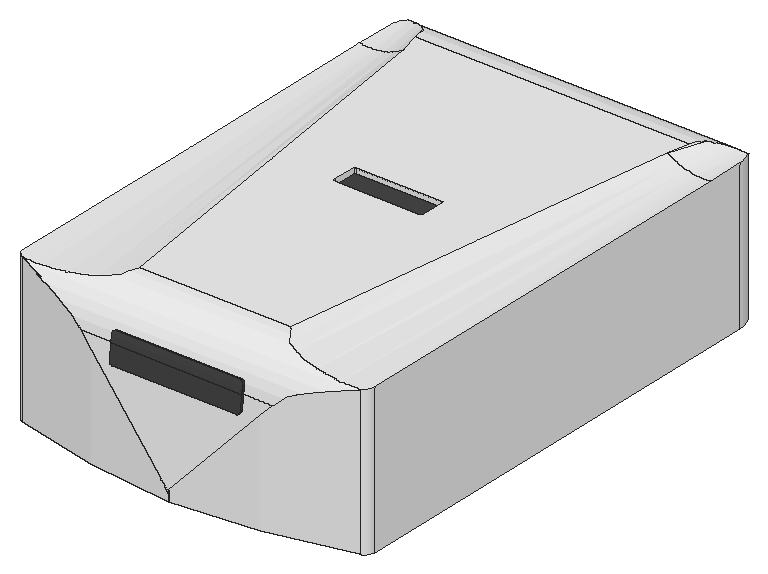
Revit family "ThinAir_HAND_DRYER_with_HEPA_filter", category Specialty Equipment, host Face, Revit 2020
Family settings
  Host = Face
  Round Connector Dimension = Use Diameter
  Part Type = Normal
  OmniClass Number = 23.40.20.21.14
  OmniClass Title = Hand and Hair Dryers
  Cut with Voids When Loaded = No
  Shared = No
  Room Calculation Point = No
Parameters (values of type "TA-ABS-230V 3.9A 890W")
  Width = 0' - 8 29/32"  # constant formula
  Warranty URL = "https://www.exceldryer.com/wp-content/uploads/2019/05/Excel_2019LimitedWarranty_ThinAir.pdf"
  Version = "2017 - v1.0b"  # constant formula
  Product Documentation Link = "https://www.exceldryer.com/wp-content/uploads/2023/08/ThinAir-HEPA-Sheet.pdf"
  Mounting Note [instance] = "For correct placement, match Elevation to Mounting Height."  # constant formula
  Watts = 890 W
  Warranty Duration = "5 Years"  # constant formula
  Voltage = 230 V
  URL = "http://www.exceldryer.com/index.php"
  Teenagers Washroom Mounting Height [instance] = yes
  Product Weight = "8 lbs"  # constant formula
  Product Page URL = "http://www.exceldryer.com/products_thinair.php"
  Product Name = "ThinAir Excel Dryer®With HEPA Filter"  # constant formula
  Power Factor = 1
  Phase = 1
  Output at Outlet (LFM) = "16000 LFM"  # constant formula
  Number of Poles = 1
  Mounting Height [instance] = if(Teenagers Washroom Mounting Height, 3' 5", if(Men's Washroom Mounting Height, 3' 9", if(Ladies Washroom Mounting Height, 3' 7", if(Handicapped Washroom Mounting Height, 3' 1", if(Children's Washroom Mounting Height, 2' 11", 3' 3")))))  # 3' - 5"
  Model = "TA-ABS-230V 3.9A 890W"
  Men's Washroom Mounting Height [instance] = no
  Material = ""
  Manufacturer Phone Number = "800-255-9235"  # constant formula
  Manufacturer Fax Number = "1-413-525-2853"  # constant formula
  Manufacturer Email = "mailto:sales@exceldryer.com"
  Manufacturer Address = "357 Chestnut St. P. O. Box 365, East Longmeadow, MA 01028"  # constant formula
  Manufacturer = "Excel Dryer"  # constant formula
  Ladies Washroom Mounting Height [instance] = no
  Keynote = "10 28 13"
  Impact Resistant Note = "UL 499"  # constant formula
  Height = 1' - 1 15/16"  # constant formula
  Heating Element = "500 W"
  Handicapped Washroom Mounting Height [instance] = no
  Frequency = 50 Hz
  Description = "ThinAir Series"  # constant formula
  Depth = 0' - 4"  # constant formula
  Default Elevation = 3' - 3"
  Cover Finish = Polymer - Excel Dryer  - ABS - White
  Copyright = "© 2019 Excel Dryer. All Rights Reserved."  # constant formula
  Children's Washroom Mounting Height [instance] = no
  Assembly Code = "C1030200"
  Apparent Load = 920 VA
  Amperage = 3.9 A
  Air Temperature (Farenheit) = 141 °F  # constant formula
Types (4): name | Watts | Voltage | Model | Frequency | Assembly Code | Apparent Load | Amperage
  (no name) | 890 W | 230 V | "TA-ABS-230V 3.9A 890W" | 50 Hz | "C1030200" | 920 VA | 3.9 A
  TA-ABS-110-120V 7-7.7A - 770-915W | 915 W | 120 V | "TA-ABS-110-120V 7-7.7A - 770-915W" | 60 Hz | "C1090.4040" | 960 VA | 7.7 A
  TA-ABS-208-277V 3.6-4A - 735-950W | 950 W | 277 V | "TA-ABS-208-277V 3.6-4A - 735-950W" | 60 Hz | "C1030200" | 984 VA | 4 A
  TA-ABS-230V 3.9A 890W | 890 W | 230 V | "TA-ABS-230V 3.9A 890W" | 50 Hz | "C1030200" | 920 VA | 3.9 A
Reference planes (in)
  plane 1 "Center (Front/Back)": y = 0
  plane 2: z = 0
  plane 3 "Center (Left/Right)": x = 0
  plane 4 "Front": z = 4
  plane 5 "Back": z = 0
  plane 6: x = 4.45313
  plane 7: x = -4.45312
  plane 8: z = 3
  plane 9: z = 1
  plane 10: y = 6.96875
  plane 11: y = -6.96875
  plane 12: x = -1.66391
  plane 13: x = 1.66391
  plane 14: x = -3.34033
  plane 15: x = 3.34033
  plane 16: z = 3.875
  plane 17: z = 3.75
  plane 18: y = -6.19694
  plane 19: y = -5.5295
  plane 20: z = 2.8375
  plane 21: y = -1.99454
  plane 22: y = 7.38467
  plane 23: x = -5.45312
  plane 24: x = 5.45313
  plane 25: y = -7.33069
  plane 26: y = 4.67812
  plane 27: z = 3.2125
  plane 28: z = 2.4625
  plane 29: y = -6.84927
  plane 30: y = -5.48236
  plane 31: y = 0.34713
  plane 32: y = -0.34713
  plane 33: x = 1.1375
  plane 34: x = -1.1375
  plane 35: y = -6.77243
Forms (in)
  Extrusion 1, solid, material "Polymer - Excel Dryer  - ABS - White"
    sketch origin (0, -0.9653, 0) x (0, 1, 0) y (0, 0, 1)
      loop
        line (7.91234, 0) -> (7.51218, 2.84729)
        arc (7.51218, 2.84729) -> (7.06465, 3.67154) -> (6.18614, 4) r 1.33907
        line (6.18614, 4) -> (-4.51707, 4)
        arc (-4.51707, 4) -> (-5.3249, 3.6899) -> (-5.71774, 2.91891) r 1.20728
        line (-5.71774, 2.91891) -> (-6.02453, 0) -> (7.91234, 0)
    from -4.45313 to 4.45313
  Blend 2, void
    base sketch origin (0, 0, 0) x (-1, 0, 0) y (0, 0, -1)
      loop
        line (-4.45312, -3.75) -> (-4.45312, -4) -> (-1.66391, -4)
        arc (-1.66391, -4) -> (-3.05026, -3.78289) -> (-4.45312, -3.75) r 10.64644
    top sketch origin (0, 0, 0) x (-1, 0, 0) y (0, 0, -1)
      loop
        arc (-3.34033, -4) -> (-3.87227, -3.76612) -> (-4.45313, -3.74965) r 1.51527
        line (-4.45313, -3.74965) -> (-4.45313, -4) -> (-3.34033, -4)
    from 7.33069 to -4.67812
  Extrusion 3, void
    sketch origin (0, 0, 0) x (1, 0, 0) y (0, 1, 0)
      loop
        arc (-4.45312, 5.58087) -> (-4.33027, 5.9922) -> (-4.00195, 6.26877) r 0.75
        arc (-4.00195, 6.26877) -> (-2.0431, 6.86592) -> (0, 7.00523) r 9.00826
        line (0, 7.00523) -> (0, 7.38467) -> (-5.45312, 7.38467) -> (-5.45312, -7.33069) -> (0, -7.33069) -> (0, -6.96875)
        arc (0, -6.96875) -> (-2.15761, -6.73485) -> (-4.2731, -6.25041) r 18.53957
        arc (-4.2731, -6.25041) -> (-4.40312, -6.16042) -> (-4.45312, -6.01041) r 0.25
        line (-4.45312, -6.01041) -> (-4.45312, 5.58087)
    from 0 to 4.47709
  Extrusion 4, void
    sketch origin (0, 0.00801, 0) x (-1, 0, 0) y (0, -1, 0)
      loop
        line (-4.45312, -5.58087) -> (-4.45312, 6.01041)
        arc (-4.45312, 6.01041) -> (-4.40312, 6.16042) -> (-4.2731, 6.25041) r 0.25
        arc (-4.2731, 6.25041) -> (-2.15761, 6.73485) -> (0, 6.96875) r 18.53957
        line (0, 6.96875) -> (0, 7.3387) -> (-5.45312, 7.3387) -> (-5.45312, -7.37665) -> (0, -7.37665) -> (0, -7.00523)
        arc (0, -7.00523) -> (-2.0431, -6.86592) -> (-4.00195, -6.26877) r 9.00826
        arc (-4.00195, -6.26877) -> (-4.33027, -5.9922) -> (-4.45312, -5.58087) r 0.75
    from 0 to 4.47709
  Blend 5, void
    base sketch origin (0, 0, 0) x (1, 0, 0) y (0, 0, 1)
      loop
        arc (-4.45312, 3.75) -> (-3.05026, 3.78289) -> (-1.66391, 4) r 10.64644
        line (-1.66391, 4) -> (-4.45312, 4) -> (-4.45312, 3.75)
    top sketch origin (0, 0, 0) x (1, 0, 0) y (0, 0, 1)
      loop
        line (-3.34033, 4) -> (-4.45313, 4) -> (-4.45313, 3.74965)
        arc (-4.45313, 3.74965) -> (-3.87227, 3.76612) -> (-3.34033, 4) r 1.51527
    from 7.33069 to -4.67812
  Blend 6, void
    base sketch origin (0, 0, 0) x (1, 0, 0) y (0, 0, 1)
      loop
        arc (-4.45313, 3.74965) -> (-3.87227, 3.76612) -> (-3.34033, 4) r 1.51527
        line (-3.34033, 4) -> (-4.45313, 4) -> (-4.45313, 3.74965)
    top sketch origin (0, 0, 0) x (1, 0, 0) y (0, 0, 1)
      loop
        arc (-4.45313, 3.75171) -> (-4.25764, 3.76745) -> (-4.07972, 3.84994) r 0.55721
        arc (-4.07972, 3.84994) -> (-4.01625, 3.9123) -> (-4.00126, 4) r 0.1447
        line (-4.00126, 4) -> (-4.45313, 4) -> (-4.45313, 3.75171)
    from -4.67812 to -7.38467
  Blend 7, void
    base sketch origin (0, 0, 0) x (-1, 0, 0) y (0, 0, -1)
      loop
        line (-4.45313, -3.74965) -> (-4.45313, -4) -> (-3.34033, -4)
        arc (-3.34033, -4) -> (-3.87227, -3.76612) -> (-4.45313, -3.74965) r 1.51527
    top sketch origin (0, 0, 0) x (-1, 0, 0) y (0, 0, -1)
      loop
        line (-4.45313, -3.75171) -> (-4.45313, -4) -> (-4.00126, -4)
        arc (-4.00126, -4) -> (-4.01625, -3.9123) -> (-4.07972, -3.84994) r 0.1447
        arc (-4.07972, -3.84994) -> (-4.25764, -3.76745) -> (-4.45313, -3.75171) r 0.55721
    from -4.67812 to -7.38467
  Extrusion 8, solid, material "Metallic - Paint - Excel Dryer - Flaked Satin - Black - Logo"
    sketch origin (0.00958, 0, -0.5375) x (1, 0, 0) y (0, 0, 1)
      loop
        arc (-1.57312, 3.75) -> (-1.6441, 3.7206) -> (-1.6735, 3.64963) r 0.10037
        line (-1.6735, 3.64963) -> (-1.6735, 3.10037)
        arc (-1.6735, 3.10037) -> (-1.6441, 3.0294) -> (-1.57312, 3) r 0.10037
        line (-1.57312, 3) -> (1.55396, 3)
        arc (1.55396, 3) -> (1.62493, 3.0294) -> (1.65433, 3.10037) r 0.10037
        line (1.65433, 3.10037) -> (1.65433, 3.64963)
        arc (1.65433, 3.64963) -> (1.62493, 3.7206) -> (1.55396, 3.75) r 0.10037
        line (1.55396, 3.75) -> (-1.57312, 3.75)
    from 6.19694 to 6.78628
  Extrusion 9, void
    sketch origin (0, -0.0625, 0) x (0, 1, 0) y (0, 0, 1)
      loop
        line (-6.78677, 3.2125) -> (-6.78677, 2.4625) -> (-6.70828, 2.4625) -> (-6.66027, 2.91932)
        arc (-6.66027, 2.91932) -> (-6.63516, 3.06806) -> (-6.5917, 3.2125) r 1.20728
        line (-6.5917, 3.2125) -> (-6.78677, 3.2125)
    from -1.66391 to 1.69137
  Extrusion 10, void
    sketch origin (0, 0, 0) x (1, 0, 0) y (0, 1, 0)
      loop
        arc (-1.11093, 0.34713) -> (-1.12972, 0.33935) -> (-1.1375, 0.32056) r 0.02657
        line (-1.1375, 0.32056) -> (-1.1375, -0.2736)
        arc (-1.1375, -0.2736) -> (-1.11596, -0.32559) -> (-1.06396, -0.34713) r 0.07354
        line (-1.06396, -0.34713) -> (1.06396, -0.34713)
        arc (1.06396, -0.34713) -> (1.11596, -0.32559) -> (1.1375, -0.2736) r 0.07354
        line (1.1375, -0.2736) -> (1.1375, 0.30402)
        arc (1.1375, 0.30402) -> (1.12487, 0.33451) -> (1.09439, 0.34713) r 0.04311
        line (1.09439, 0.34713) -> (-1.11093, 0.34713)
    from 3.75 to 4
  Extrusion 11, solid, material "Metallic - Paint - Excel Dryer - Flaked Satin - Black - Logo"
    sketch origin (0, 0, 0) x (1, 0, 0) y (0, 1, 0)
      loop
        line (-1.1375, 0.32056) -> (-1.1375, -0.2736)
        arc (-1.1375, -0.2736) -> (-1.11596, -0.32559) -> (-1.06396, -0.34713) r 0.07354
        line (-1.06396, -0.34713) -> (1.06396, -0.34713)
        arc (1.06396, -0.34713) -> (1.11596, -0.32559) -> (1.1375, -0.2736) r 0.07354
        line (1.1375, -0.2736) -> (1.1375, 0.30402)
        arc (1.1375, 0.30402) -> (1.12487, 0.33451) -> (1.09439, 0.34713) r 0.04311
        line (1.09439, 0.34713) -> (-1.11093, 0.34713)
        arc (-1.11093, 0.34713) -> (-1.12972, 0.33935) -> (-1.1375, 0.32056) r 0.02657
    from 3.75 to 3.875
Cuts and joins
  Blend 2, Extrusion 3, Extrusion 4, Blend 5, Blend 6, Blend 7, Extrusion 9, Extrusion 10 cuts Extrusion 1
  Extrusion 9 cuts Extrusion 8
Lines and regions (in)
  Masking region 1
    outline origin (0.5625, 0, -0.10753) x (1, 0, 0) y (0, 0, 1)
      loop
        line (3.89062, 0.10753) -> (3.89062, 3.85753)
        arc (3.89062, 3.85753) -> (3.8174, 4.03431) -> (3.64062, 4.10753) r 0.25
        line (3.64062, 4.10753) -> (-4.76563, 4.10753)
        arc (-4.76563, 4.10753) -> (-4.9424, 4.03431) -> (-5.01563, 3.85753) r 0.25
        line (-5.01563, 3.85753) -> (-5.01563, 0.10753) -> (3.89062, 0.10753)
Dimensions and locks (in)
  plane 2 to plane 5 "Back" = 0' - 0"
  "Depth": plane 4 "Front" to plane 5 "Back"
  equal spacing: plane 6, plane 3 "Center (Left/Right)", plane 7
  "Width": plane 6 to plane 7
  equal spacing: plane 10, plane 1 "Center (Front/Back)", plane 11, locked at 6.96875 each
  "Height": plane 10 to plane 11
  plane 7 to plane 6 = 0' - 8 29/32"
  plane 10 to plane 11 = 1' - 1 15/16"
  equal spacing: Extrusion 10 sketch curve, plane 3 "Center (Left/Right)", Extrusion 10 sketch curve
  cut or joined group of Extrusion 8, Extrusion 9 to Extrusion 10 sketch curve to Extrusion 10 sketch curve = 0' - 5.84981", 0' - 0.69427"
  equal spacing: plane 23, plane 3 "Center (Left/Right)", plane 24
  equal spacing: cut or joined group of Extrusion 1, Blend 2, Extrusion 3, Extrusion 4, Blend 5, Blend 6, Blend 7, Extrusion 9, Extrusion 10, plane 1 "Center (Front/Back)", cut or joined group of Extrusion 1, Blend 2, Extrusion 3, Extrusion 4, Blend 5, Blend 6, Blend 7, Extrusion 9, Extrusion 10
  locked: cut or joined group of Extrusion 1, Blend 2, Extrusion 3, Extrusion 4, Blend 5, Blend 6, Blend 7, Extrusion 9, Extrusion 10 to cut or joined group of Extrusion 1, Blend 2, Extrusion 3, Extrusion 4, Blend 5, Blend 6, Blend 7, Extrusion 9, Extrusion 10 at 0.69427
  equal spacing: cut or joined group of Extrusion 1, Blend 2, Extrusion 3, Extrusion 4, Blend 5, Blend 6, Blend 7, Extrusion 9, Extrusion 10, plane 3 "Center (Left/Right)", cut or joined group of Extrusion 1, Blend 2, Extrusion 3, Extrusion 4, Blend 5, Blend 6, Blend 7, Extrusion 9, Extrusion 10
  locked: cut or joined group of Extrusion 1, Blend 2, Extrusion 3, Extrusion 4, Blend 5, Blend 6, Blend 7, Extrusion 9, Extrusion 10 to cut or joined group of Extrusion 1, Blend 2, Extrusion 3, Extrusion 4, Blend 5, Blend 6, Blend 7, Extrusion 9, Extrusion 10 at 2.275
  locked: plane 4 "Front" to Blend 2 sketch curve at 0.27083
  locked: plane 6 to Blend 2 sketch curve at 1.11279
  locked: plane 4 "Front" to Blend 2 sketch curve at 0.25962
  locked: plane 6 to Blend 2 sketch curve at 2.78921
  plane 4 "Front" to Blend 7 sketch curve to Blend 7 sketch curve = 0' - 0.15006" locked, 0' - 0.10083" locked
  plane 6 to Blend 7 sketch curve to Blend 7 sketch curve = 0' - 0.3734" locked, 0' - 0.07994" locked
  locked: plane 4 "Front" to Blend 7 sketch curve at 0.27083
  locked: plane 6 to Blend 7 sketch curve at 1.11279
  aligned and locked: plane 2 to host face
  aligned and locked: level to host face
  aligned and locked: plane 7 to Extrusion 1
  aligned and locked: plane 6 to Extrusion 1
  aligned and locked: plane 7 to Masking region 1
  aligned and locked: plane 6 to Masking region 1
  aligned and locked: Extrusion 4 to Extrusion 3  (x2)
  aligned and locked: plane 13 to Extrusion 8
  aligned and locked: Extrusion 10 to plane 17
  aligned and locked: plane 16 to Extrusion 11
  aligned and locked: Masking region 1 to plane 4 "Front"
  aligned and locked: level to Masking region 1
  aligned and locked: plane 23 to Extrusion 3
  aligned and locked: Extrusion 4 to plane 24
  aligned and locked: Extrusion 4 to plane 25
  aligned and locked: Extrusion 3 to Extrusion 4
  aligned and locked: Blend 7 to Extrusion 3
  aligned and locked: Extrusion 3 to Blend 6
  aligned and locked: Blend 6 to Blend 2
  aligned and locked: Blend 7 to Blend 2
  aligned and locked: Blend 5 to Blend 2
  aligned and locked: plane 26 to cut or joined group of Extrusion 1, Blend 2, Extrusion 3, Extrusion 4, Blend 5, Blend 6, Blend 7, Extrusion 9, Extrusion 10
  aligned and locked: plane 18 to Extrusion 8
  aligned and locked: Extrusion 9 to Extrusion 8
  aligned and locked: Extrusion 9 to cut or joined group of Extrusion 8, Extrusion 9
  aligned and locked: plane 28 to cut or joined group of Extrusion 8, Extrusion 9
  aligned and locked: Extrusion 8 to Extrusion 9
  aligned and locked: cut or joined group of Extrusion 8, Extrusion 9 to Extrusion 9
  aligned and locked: plane 29 to Extrusion 9
  aligned and locked: plane 4 "Front" to Extrusion 10
  aligned and locked: cut or joined group of Extrusion 1, Blend 2, Extrusion 3, Extrusion 4, Blend 5, Blend 6, Blend 7, Extrusion 9, Extrusion 10 to plane 6
  aligned and locked: cut or joined group of Extrusion 1, Blend 2, Extrusion 3, Extrusion 4, Blend 5, Blend 6, Blend 7, Extrusion 9, Extrusion 10 to plane 7
  aligned and locked: plane 30 to cut or joined group of Extrusion 1, Blend 2, Extrusion 3, Extrusion 4, Blend 5, Blend 6, Blend 7, Extrusion 9, Extrusion 10
  aligned and locked: Extrusion 4 to plane 3 "Center (Left/Right)"  (x2)
  aligned and locked: plane 32 to cut or joined group of Extrusion 1, Blend 2, Extrusion 3, Extrusion 4, Blend 5, Blend 6, Blend 7, Extrusion 9, Extrusion 10
  aligned and locked: plane 31 to cut or joined group of Extrusion 1, Blend 2, Extrusion 3, Extrusion 4, Blend 5, Blend 6, Blend 7, Extrusion 9, Extrusion 10
  aligned and locked: plane 34 to cut or joined group of Extrusion 1, Blend 2, Extrusion 3, Extrusion 4, Blend 5, Blend 6, Blend 7, Extrusion 9, Extrusion 10
  aligned and locked: cut or joined group of Extrusion 1, Blend 2, Extrusion 3, Extrusion 4, Blend 5, Blend 6, Blend 7, Extrusion 9, Extrusion 10 to plane 33
  aligned and locked: plane 34 to Extrusion 11
  aligned and locked: Extrusion 3 to Blend 2
  aligned and locked: Extrusion 3 to Blend 5
  aligned and locked: plane 6 to Blend 2 sketch curve
  aligned and locked: plane 4 "Front" to Blend 2 sketch curve
  aligned and locked: Blend 2 sketch curve to plane 6
  aligned and locked: Blend 2 sketch curve to plane 4 "Front"
  aligned and locked: plane 4 "Front" to Blend 7 sketch curve  (x2)
  aligned and locked: plane 6 to Blend 7 sketch curve  (x2)
  aligned and locked: Extrusion 8 sketch curve to plane 12
  aligned and locked: Extrusion 8 sketch curve to plane 13
  aligned and locked: plane 31 to Extrusion 11 sketch curve
  aligned and locked: Extrusion 11 to plane 17
  aligned and locked: Extrusion 11 sketch curve to plane 32
  aligned and locked: plane 34 to Extrusion 11 sketch curve
  aligned and locked: Extrusion 11 sketch curve to plane 33
Automatic sketch dimensions
  host sketch curve to host sketch curve = 8' - 0"  (x2)
  plane 7 to Masking region 1 sketch curve = 0' - 0"
  plane 4 "Front" to Masking region 1 sketch curve = 0' - 0"
  plane 6 to Masking region 1 sketch curve = 0' - 0"
  plane 17 to Masking region 1 sketch curve = 0' - 0"  (x2)
  Masking region 1 sketch curve to level = 0' - 0"
  Extrusion 1 sketch curve to level = 0' - 0"
  Extrusion 1 sketch curve to plane 11 = 0' - 0.02107"
  Extrusion 1 sketch curve to plane 4 "Front" = 0' - 0"
  Extrusion 1 sketch curve to plane 8 = 0' - 0.15271"
  Extrusion 1 sketch curve to plane 8 = 0' - 0.08109"
  plane 11 to Extrusion 1 sketch curve = 0' - 0.28572"
  plane 19 to Extrusion 1 sketch curve = 0' - 0.04713"
  Extrusion 1 sketch curve to plane 10 = 0' - 1.7479"
  Extrusion 1 sketch curve to plane 10 = 0' - 0 27/64"
  Extrusion 1 sketch curve to plane 10 = 0' - 0.0217"
  Blend 2 sketch curve to plane 17 = 0' - 0"
  plane 17 to Blend 2 sketch curve = 0' - 0.00035"
  Extrusion 3 sketch curve to plane 7 = 0' - 0"
  Extrusion 3 sketch curve to plane 3 "Center (Left/Right)" = 0' - 0"  (x2)
  Extrusion 3 sketch curve to plane 11 = 0' - 0"
  plane 7 to Extrusion 3 sketch curve = 0' - 1"
  Extrusion 3 sketch curve to plane 18 = 0' - 0.05348"
  Extrusion 3 sketch curve to plane 7 = 0' - 0.18003"
  Extrusion 3 sketch curve to Extrusion 3 sketch curve = 0' - 0"  (x2)
  Extrusion 3 sketch curve to Extrusion 3 sketch curve = 0' - 0.06997"
  Extrusion 3 sketch curve to plane 7 = 0' - 0.45117"
  plane 14 to Extrusion 3 sketch curve = 0' - 0.36279"
  Extrusion 3 sketch curve to plane 3 "Center (Left/Right)" = 0' - 0.41274"
  Extrusion 3 sketch curve to plane 11 = 0' - 0.36194"
  Extrusion 3 sketch curve to plane 10 = 0' - 1.38788"
  plane 10 to Extrusion 3 sketch curve = 0' - 0.41592"
  Extrusion 4 sketch curve to plane 6 = 0' - 0"
  Extrusion 4 sketch curve to plane 3 "Center (Left/Right)" = 0' - 0"  (x2)
  Extrusion 4 sketch curve to plane 11 = 0' - 0.00801"
  Extrusion 4 sketch curve to plane 6 = 0' - 1"
  plane 18 to Extrusion 4 sketch curve = 0' - 0.04546"
  plane 6 to Extrusion 4 sketch curve = 0' - 0.18003"
  Extrusion 4 sketch curve to Extrusion 4 sketch curve = 0' - 0"  (x2)
  Extrusion 4 sketch curve to Extrusion 4 sketch curve = 0' - 0 1/4"
  plane 6 to Extrusion 4 sketch curve = 0' - 0.45117"
  Extrusion 4 sketch curve to plane 15 = 0' - 0.36279"
  Extrusion 4 sketch curve to plane 3 "Center (Left/Right)" = 0' - 0.41274"
  plane 11 to Extrusion 4 sketch curve = 0' - 0.36194"
  plane 10 to Extrusion 4 sketch curve = 0' - 1.37986"
  Extrusion 4 sketch curve to plane 10 = 0' - 0.41592"
  Blend 5 sketch curve to plane 4 "Front" = 0' - 0"  (x2)
  plane 7 to Blend 5 sketch curve = 0' - 0"  (x2)
  plane 12 to Blend 5 sketch curve = 0' - 0"
  Blend 5 sketch curve to plane 17 = 0' - 0"
  Blend 5 sketch curve to plane 7 = 0' - 0.45242"
  plane 14 to Blend 5 sketch curve = 0' - 0"
  Blend 5 sketch curve to plane 17 = 0' - 0.00035"
  Blend 5 sketch curve to plane 7 = 0' - 0.24826"
  Blend 6 sketch curve to plane 4 "Front" = 0' - 0"  (x2)
  plane 7 to Blend 6 sketch curve = 0' - 0"  (x2)
  plane 14 to Blend 6 sketch curve = 0' - 0"
  Blend 6 sketch curve to plane 17 = 0' - 0.00035"
  Blend 6 sketch curve to plane 7 = 0' - 0.24826"
  plane 17 to Blend 6 sketch curve = 0' - 0.00171"
  Blend 6 sketch curve to plane 7 = 0' - 0.45186"
  Blend 6 sketch curve to plane 7 = 0' - 0.05372"
  Blend 6 sketch curve to plane 4 "Front" = 0' - 0.02065"
  Blend 6 sketch curve to Blend 6 sketch curve = 0' - 0.14322"
  Blend 6 sketch curve to plane 16 = 0' - 0.02506"
  plane 17 to Blend 7 sketch curve = 0' - 0.00035"
  Blend 7 sketch curve to plane 17 = 0' - 0.00171"
  plane 4 "Front" to Blend 7 sketch curve = 0' - 0.02065"
  Extrusion 8 sketch curve to plane 17 = 0' - 0.5375"
  Extrusion 8 sketch curve to plane 13 = 0' - 0.10037"  (x2)
  Extrusion 8 sketch curve to plane 20 = 0' - 0 3/8"
  Extrusion 8 sketch curve to plane 12 = 0' - 0.10037"  (x2)
  plane 11 to Extrusion 9 sketch curve = 0' - 0.11948"
  Extrusion 9 sketch curve to plane 17 = 0' - 1.2875"
  Extrusion 9 sketch curve to Extrusion 9 sketch curve = 0' - 0.07848"
  Extrusion 9 sketch curve to Extrusion 9 sketch curve = 0' - 0.19507"
  Extrusion 9 sketch curve to plane 17 = 0' - 0.5375"
  Extrusion 9 sketch curve to Extrusion 9 sketch curve = 0' - 0.06857"
  plane 19 to Extrusion 9 sketch curve = 0' - 0.0074"
  Extrusion 9 sketch curve to Extrusion 9 sketch curve = 0' - 0.41938"
  Extrusion 10 sketch curve to plane 1 "Center (Front/Back)" = 0' - 0.32056"
  Extrusion 10 sketch curve to Extrusion 10 sketch curve = 0' - 0.04311"
  Extrusion 10 sketch curve to Extrusion 10 sketch curve = 0' - 0.07354"  (x2)
  Extrusion 10 sketch curve to plane 13 = 0' - 0.56953"
  Extrusion 11 sketch curve to plane 34 = 0' - 0.02657"
  Extrusion 11 sketch curve to Extrusion 11 sketch curve = 0' - 0.07354"
  plane 33 to Extrusion 11 sketch curve = 0' - 0.07354"
  Extrusion 11 sketch curve to Extrusion 11 sketch curve = 0' - 0.04311"
Connectors (in)
  electrical at (0.00526, -0.06881, 0), driven by "Number of Poles", driven by "Voltage", driven by "Apparent Load", driven by "Power Factor"
    settings: on cut or joined group of Extrusion 1, Blend 2, Extrusion 3, Extrusion 4, Blend 5, Blend 6, Blend 7, Extrusion 9, Extrusion 10, index 1, voltage 230 V, apparent load 0 VA, apparent load phase1 920 VA, apparent load phase2 0 VA, apparent load phase3 0 VA, power factor 1, load classification "Other", number of poles 1, system type 31, power factor state 1, is connector primary yes, connector utility no, sub classification motor no, connector description "Power Connector"
